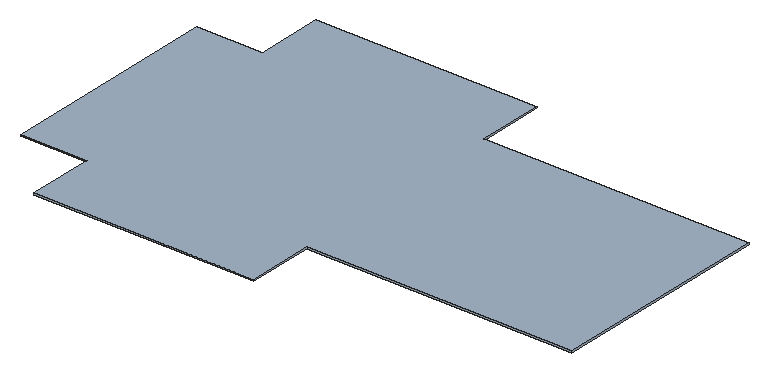
Revit family "Haworth_MangasSpace_Rugs", category Furniture, Revit 2018
Family settings
  OmniClass Number = 23.35.50.27.11.11
  OmniClass Title = Access Floors, Frames
  Work Plane-Based = No
  Always vertical = Yes
  Cut with Voids When Loaded = No
  Shared = No
  Room Calculation Point = No
Parameters (values of type "HCGN-MS2Q - with Square")
  with Square = yes
  Warranty = "http://www.haworth.com/resources/product-info/warranties"
  URL - Product = "https://www.haworth.com/products/accessories/rugs/mangas-space"
  URL = "http://www.haworth.com/our-brands/haworth-collection"
  Thickness = 1/4"  # constant formula
  Revision Number = "1"  # constant formula
  Overlay Finish [instance] = Haworth_Wool_Mangas Space_Petrol Accent ZW-A02
  Size = "Verify Final Dimensions w/ Haworth"  # constant formula
  Model = "HCGN-MS"  # constant formula
  Manufacturer = "Haworth"  # constant formula
  Inner Width = 39 51/128"  # constant formula
  Description = "Haworth Mangas Space Area Rug - With Squares"
  Author = "Haworth (Alias)"  # constant formula
  Assembly Code = ""
  Actual Width = 63"  # constant formula
  Actual Length = if(with Square, 98 1/2", 63")  # 98 1/2"
Types (2): name | with Square | Description | Actual Length
  HCGN-MS2Q - with Square | yes | "Haworth Mangas Space Area Rug - With Squares" | 98 1/2"
  HCGN-MS1P - Plait | no | "Haworth Mangas Space Plait Area Rug" | 63"
Reference planes (in)
  plane 1: z = 0
  plane 2 "Left": x = -11.77344
  plane 3 "Right": x = 86.72656
  plane 4 "Back": y = 34.42187
  plane 5 "Front": y = -28.57813
  plane 6 "Center FB": y = 2.92187
  plane 7 "Center LR": x = 19.72656
  plane 8: z = 0.25
  plane 9 "Back Inside": y = 22.62109
  plane 10 "Front Inside": y = -16.77734
  plane 11 "Right Inside": x = 39.42578
  plane 12 "Left Inside": x = 0.02734
Forms (in)
  Extrusion 1, solid, material "Haworth_Wool_Mangas Space_Petrol Accent ZW-A02" <- "Overlay Finish"
    sketch origin (0, 0, 0) x (1, 0, 0) y (0, 1, 0)
      loop
        line (-11.77344, -16.77734) -> (0.02734, -16.77734) -> (0.02734, -28.57813) -> (39.42578, -28.57813) -> (39.42578, -16.77734) -> (86.72656, -16.77734) -> (86.72656, 22.62109) -> (39.42578, 22.62109) -> (39.42578, 34.42187) -> (0.02734, 34.42187) -> (0.02734, 22.62109) -> (-11.77344, 22.62109) -> (-11.77344, -16.77734)
    from 0 to 0.25
Lines and regions (in)
  Masking region 1
    outline origin (0, 0, 0) x (1, 0, 0) y (0, 1, 0)
      loop
        line (39.42578, -28.57813) -> (39.42578, -16.77734) -> (86.72656, -16.77734) -> (86.72656, 22.62109) -> (39.42578, 22.62109) -> (39.42578, 34.42187) -> (0.02734, 34.42187) -> (0.02734, 22.62109) -> (-11.77344, 22.62109) -> (-11.77344, -16.77734) -> (0.02734, -16.77734) -> (0.02734, -28.57813) -> (39.42578, -28.57813)
Dimensions and locks (in)
  equal spacing: plane 4 "Back", plane 6 "Center FB", plane 5 "Front"
  "Actual Width": plane 4 "Back" to plane 5 "Front"
  "Actual Length": plane 2 "Left" to plane 3 "Right"
  "Thickness": plane 8 to plane 1
  plane 2 "Left" to plane 12 "Left Inside" to plane 7 "Center LR" to plane 11 "Right Inside" = 11 205/256" locked, 19 179/256" locked, 19 179/256" locked
  "Inner Width": plane 9 "Back Inside" to plane 10 "Front Inside"
  aligned and locked: Extrusion 1 to plane 1
  aligned and locked: plane 2 "Left" to Extrusion 1 sketch curve
  aligned and locked: Extrusion 1 to plane 8
  aligned and locked: Extrusion 1 sketch curve to plane 10 "Front Inside"  (x2)
  aligned and locked: Extrusion 1 sketch curve to plane 5 "Front"
  aligned and locked: Extrusion 1 sketch curve to plane 11 "Right Inside"  (x2)
  aligned and locked: Extrusion 1 sketch curve to plane 12 "Left Inside"  (x2)
  aligned and locked: Extrusion 1 sketch curve to plane 9 "Back Inside"
  aligned and locked: plane 9 "Back Inside" to Extrusion 1 sketch curve
  aligned and locked: plane 10 "Front Inside" to Masking region 1 sketch curve  (x2)
  aligned and locked: plane 5 "Front" to Masking region 1 sketch curve
  aligned and locked: Masking region 1 sketch curve to plane 9 "Back Inside"
  aligned and locked: plane 9 "Back Inside" to Masking region 1 sketch curve
  aligned and locked: plane 4 "Back" to Masking region 1 sketch curve
  aligned and locked: Masking region 1 sketch curve to plane 3 "Right"
  aligned and locked: plane 11 "Right Inside" to Masking region 1 sketch curve  (x2)
  aligned and locked: plane 12 "Left Inside" to Masking region 1 sketch curve  (x2)
  aligned and locked: Masking region 1 sketch curve to plane 2 "Left"
  aligned and locked: Extrusion 1 to plane 3 "Right"
  aligned and locked: plane 4 "Back" to Extrusion 1
Automatic sketch dimensions
  Extrusion 1 sketch curve to plane 3 "Right" = 0"
  Extrusion 1 sketch curve to plane 4 "Back" = 0"
